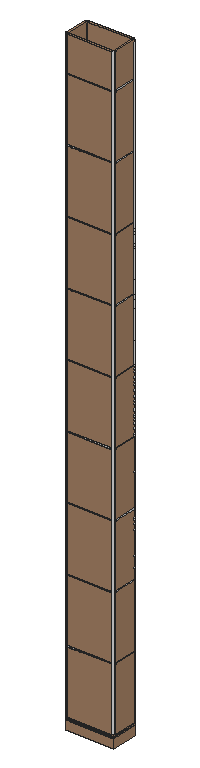
Revit family "GEN_A3-Column-Cladding", category Casework, Revit 2016
Family settings
  Work Plane-Based = No
  Always vertical = Yes
  Cut with Voids When Loaded = No
  Shared = No
  Room Calculation Point = No
Parameters (values of type "Column Cladding")
  Depth = 230 mm
  Height = 6220 mm
  Width = 450 mm
Reference planes
  plane 1 "Back": y = 0
  plane 2: z = 0
  plane 3 "Center (Left/Right)": x = 44.7
  plane 4 "Front": y = -230
  plane 5 "Left": x = -180.3
  plane 6 "Right": x = 269.7
  plane 7 "Top": z = 6220
  plane 8: z = 120
  plane 9: z = 748
  plane 10: z = 6210
Forms (mm)
  Sweep 1, solid, material "Door Veneer"
    path origin (0, 0, 0) x (1, 0, 0) y (0, 1, 0)
      loop
        line (-180.3, 0) -> (-180.3, -230) -> (269.7, -230) -> (269.7, 0) -> (-180.3, 0)
    profile origin (44.7, 0, 0) x (0, 1, 0) y (0, 0, 1)
      loop
        line (0, 0) -> (15, 0) -> (15, 83.18) -> (10, 83.18) -> (10, 88.18) -> (15, 88.18) -> (15, 93.18) -> (10, 93.18) -> (10, 98.18) -> (15, 98.18) -> (15, 105)
        arc (15, 105) -> (10.607, 115.607) -> (0, 120) r 15
        line (0, 120) -> (0, 0)
  Extrusion 2, solid, material "Door Veneer"
    sketch origin (0, 0, 0) x (1, 0, 0) y (0, 1, 0)
      loop
        line (-180.3, 0) -> (-200.3, 0) -> (-200.3, -230) -> (-180.3, -230) -> (-180.3, 0)
      loop
        line (269.7, 0) -> (269.7, -230) -> (289.7, -230) -> (289.7, 0) -> (269.7, 0)
    from 120 to 748
  Extrusion 3, solid, material "Door Veneer"
    sketch origin (159.7, -70.3, 0) x (0, -1, 0) y (1, 0, 0)
      loop
        line (-70.3, 110) -> (-90.3, 110) -> (-90.3, -340) -> (-70.3, -340) -> (-70.3, 110)
      loop
        line (159.7, 110) -> (159.7, -340) -> (179.7, -340) -> (179.7, 110) -> (159.7, 110)
    from 120 to 748
  Extrusion 4, solid, material "Metal - Stainless Steel"
    sketch origin (0, 0, 0) x (1, 0, 0) y (0, 1, 0)
      loop
        line (-200.3, 0) -> (-180.3, 0) -> (-180.3, 20) -> (-182.3, 20) -> (-182.3, 2) -> (-200.3, 2) -> (-200.3, 0)
      loop
        line (289.7, 0) -> (289.7, 2) -> (271.7, 2) -> (271.7, 20) -> (269.7, 20) -> (269.7, 0) -> (289.7, 0)
      loop
        line (-200.3, -230) -> (-200.3, -232) -> (-182.3, -232) -> (-182.3, -250) -> (-180.3, -250) -> (-180.3, -230) -> (-200.3, -230)
      loop
        line (289.7, -230) -> (269.7, -230) -> (269.7, -250) -> (271.7, -250) -> (271.7, -232) -> (289.7, -232) -> (289.7, -230)
    from 120 to 6210
  Extrusion 5, solid, material "Aluminium"
    sketch origin (0, 0, 628) x (1, 0, 0) y (0, 1, 0)
      loop
        line (-180.3, 0) -> (-200.3, 0) -> (-200.3, -230) -> (-180.3, -230) -> (-180.3, 0)
      loop
        line (269.7, 0) -> (269.7, -230) -> (289.7, -230) -> (289.7, 0) -> (269.7, 0)
    from 120 to 130
  Extrusion 6, solid, material "Aluminium"
    sketch origin (159.7, -70.3, 628) x (0, -1, 0) y (1, 0, 0)
      loop
        line (-70.3, 110) -> (-90.3, 110) -> (-90.3, -340) -> (-70.3, -340) -> (-70.3, 110)
      loop
        line (159.7, 110) -> (159.7, -340) -> (179.7, -340) -> (179.7, 110) -> (159.7, 110)
    from 120 to 130
  Extrusion 7, solid, material "Door Veneer"
    sketch origin (0, 0, 638) x (1, 0, 0) y (0, 1, 0)
      loop
        line (-180.3, 0) -> (-200.3, 0) -> (-200.3, -230) -> (-180.3, -230) -> (-180.3, 0)
      loop
        line (269.7, 0) -> (269.7, -230) -> (289.7, -230) -> (289.7, 0) -> (269.7, 0)
    from 120 to 748
  Extrusion 8, solid, material "Door Veneer"
    sketch origin (159.7, -70.3, 638) x (0, -1, 0) y (1, 0, 0)
      loop
        line (-70.3, 110) -> (-90.3, 110) -> (-90.3, -340) -> (-70.3, -340) -> (-70.3, 110)
      loop
        line (159.7, 110) -> (159.7, -340) -> (179.7, -340) -> (179.7, 110) -> (159.7, 110)
    from 120 to 748
  Extrusion 9, solid, material "Aluminium"
    sketch origin (0, 0, 1266) x (1, 0, 0) y (0, 1, 0)
      loop
        line (-180.3, 0) -> (-200.3, 0) -> (-200.3, -230) -> (-180.3, -230) -> (-180.3, 0)
      loop
        line (269.7, 0) -> (269.7, -230) -> (289.7, -230) -> (289.7, 0) -> (269.7, 0)
    from 120 to 130
  Extrusion 10, solid, material "Aluminium"
    sketch origin (159.7, -70.3, 1266) x (0, -1, 0) y (1, 0, 0)
      loop
        line (-70.3, 110) -> (-90.3, 110) -> (-90.3, -340) -> (-70.3, -340) -> (-70.3, 110)
      loop
        line (159.7, 110) -> (159.7, -340) -> (179.7, -340) -> (179.7, 110) -> (159.7, 110)
    from 120 to 130
  Extrusion 11, solid, material "Door Veneer"
    sketch origin (0, 0, 1276) x (1, 0, 0) y (0, 1, 0)
      loop
        line (-180.3, 0) -> (-200.3, 0) -> (-200.3, -230) -> (-180.3, -230) -> (-180.3, 0)
      loop
        line (269.7, 0) -> (269.7, -230) -> (289.7, -230) -> (289.7, 0) -> (269.7, 0)
    from 120 to 748
  Extrusion 12, solid, material "Door Veneer"
    sketch origin (159.7, -70.3, 1276) x (0, -1, 0) y (1, 0, 0)
      loop
        line (-70.3, 110) -> (-90.3, 110) -> (-90.3, -340) -> (-70.3, -340) -> (-70.3, 110)
      loop
        line (159.7, 110) -> (159.7, -340) -> (179.7, -340) -> (179.7, 110) -> (159.7, 110)
    from 120 to 748
  Extrusion 13, solid, material "Aluminium"
    sketch origin (0, 0, 1904) x (1, 0, 0) y (0, 1, 0)
      loop
        line (-180.3, 0) -> (-200.3, 0) -> (-200.3, -230) -> (-180.3, -230) -> (-180.3, 0)
      loop
        line (269.7, 0) -> (269.7, -230) -> (289.7, -230) -> (289.7, 0) -> (269.7, 0)
    from 120 to 130
  Extrusion 14, solid, material "Aluminium"
    sketch origin (159.7, -70.3, 1904) x (0, -1, 0) y (1, 0, 0)
      loop
        line (-70.3, 110) -> (-90.3, 110) -> (-90.3, -340) -> (-70.3, -340) -> (-70.3, 110)
      loop
        line (159.7, 110) -> (159.7, -340) -> (179.7, -340) -> (179.7, 110) -> (159.7, 110)
    from 120 to 130
  Extrusion 15, solid, material "Door Veneer"
    sketch origin (0, 0, 1914) x (1, 0, 0) y (0, 1, 0)
      loop
        line (-180.3, 0) -> (-200.3, 0) -> (-200.3, -230) -> (-180.3, -230) -> (-180.3, 0)
      loop
        line (269.7, 0) -> (269.7, -230) -> (289.7, -230) -> (289.7, 0) -> (269.7, 0)
    from 120 to 748
  Extrusion 16, solid, material "Door Veneer"
    sketch origin (159.7, -70.3, 1914) x (0, -1, 0) y (1, 0, 0)
      loop
        line (-70.3, 110) -> (-90.3, 110) -> (-90.3, -340) -> (-70.3, -340) -> (-70.3, 110)
      loop
        line (159.7, 110) -> (159.7, -340) -> (179.7, -340) -> (179.7, 110) -> (159.7, 110)
    from 120 to 748
  Extrusion 17, solid, material "Aluminium"
    sketch origin (0, 0, 2542) x (1, 0, 0) y (0, 1, 0)
      loop
        line (-180.3, 0) -> (-200.3, 0) -> (-200.3, -230) -> (-180.3, -230) -> (-180.3, 0)
      loop
        line (269.7, 0) -> (269.7, -230) -> (289.7, -230) -> (289.7, 0) -> (269.7, 0)
    from 120 to 130
  Extrusion 18, solid, material "Aluminium"
    sketch origin (159.7, -70.3, 2542) x (0, -1, 0) y (1, 0, 0)
      loop
        line (-70.3, 110) -> (-90.3, 110) -> (-90.3, -340) -> (-70.3, -340) -> (-70.3, 110)
      loop
        line (159.7, 110) -> (159.7, -340) -> (179.7, -340) -> (179.7, 110) -> (159.7, 110)
    from 120 to 130
  Extrusion 19, solid, material "Door Veneer"
    sketch origin (0, 0, 2552) x (1, 0, 0) y (0, 1, 0)
      loop
        line (-180.3, 0) -> (-200.3, 0) -> (-200.3, -230) -> (-180.3, -230) -> (-180.3, 0)
      loop
        line (269.7, 0) -> (269.7, -230) -> (289.7, -230) -> (289.7, 0) -> (269.7, 0)
    from 120 to 748
  Extrusion 20, solid, material "Door Veneer"
    sketch origin (159.7, -70.3, 2552) x (0, -1, 0) y (1, 0, 0)
      loop
        line (-70.3, 110) -> (-90.3, 110) -> (-90.3, -340) -> (-70.3, -340) -> (-70.3, 110)
      loop
        line (159.7, 110) -> (159.7, -340) -> (179.7, -340) -> (179.7, 110) -> (159.7, 110)
    from 120 to 748
  Extrusion 21, solid, material "Aluminium"
    sketch origin (0, 0, 3180) x (1, 0, 0) y (0, 1, 0)
      loop
        line (-180.3, 0) -> (-200.3, 0) -> (-200.3, -230) -> (-180.3, -230) -> (-180.3, 0)
      loop
        line (269.7, 0) -> (269.7, -230) -> (289.7, -230) -> (289.7, 0) -> (269.7, 0)
    from 120 to 130
  Extrusion 22, solid, material "Aluminium"
    sketch origin (159.7, -70.3, 3180) x (0, -1, 0) y (1, 0, 0)
      loop
        line (-70.3, 110) -> (-90.3, 110) -> (-90.3, -340) -> (-70.3, -340) -> (-70.3, 110)
      loop
        line (159.7, 110) -> (159.7, -340) -> (179.7, -340) -> (179.7, 110) -> (159.7, 110)
    from 120 to 130
  Extrusion 23, solid, material "Door Veneer"
    sketch origin (0, 0, 3190) x (1, 0, 0) y (0, 1, 0)
      loop
        line (-180.3, 0) -> (-200.3, 0) -> (-200.3, -230) -> (-180.3, -230) -> (-180.3, 0)
      loop
        line (269.7, 0) -> (269.7, -230) -> (289.7, -230) -> (289.7, 0) -> (269.7, 0)
    from 120 to 748
  Extrusion 24, solid, material "Door Veneer"
    sketch origin (159.7, -70.3, 3190) x (0, -1, 0) y (1, 0, 0)
      loop
        line (-70.3, 110) -> (-90.3, 110) -> (-90.3, -340) -> (-70.3, -340) -> (-70.3, 110)
      loop
        line (159.7, 110) -> (159.7, -340) -> (179.7, -340) -> (179.7, 110) -> (159.7, 110)
    from 120 to 748
  Extrusion 25, solid, material "Aluminium"
    sketch origin (0, 0, 3818) x (1, 0, 0) y (0, 1, 0)
      loop
        line (-180.3, 0) -> (-200.3, 0) -> (-200.3, -230) -> (-180.3, -230) -> (-180.3, 0)
      loop
        line (269.7, 0) -> (269.7, -230) -> (289.7, -230) -> (289.7, 0) -> (269.7, 0)
    from 120 to 130
  Extrusion 26, solid, material "Aluminium"
    sketch origin (159.7, -70.3, 3818) x (0, -1, 0) y (1, 0, 0)
      loop
        line (-70.3, 110) -> (-90.3, 110) -> (-90.3, -340) -> (-70.3, -340) -> (-70.3, 110)
      loop
        line (159.7, 110) -> (159.7, -340) -> (179.7, -340) -> (179.7, 110) -> (159.7, 110)
    from 120 to 130
  Extrusion 27, solid, material "Door Veneer"
    sketch origin (0, 0, 3828) x (1, 0, 0) y (0, 1, 0)
      loop
        line (-180.3, 0) -> (-200.3, 0) -> (-200.3, -230) -> (-180.3, -230) -> (-180.3, 0)
      loop
        line (269.7, 0) -> (269.7, -230) -> (289.7, -230) -> (289.7, 0) -> (269.7, 0)
    from 120 to 748
  Extrusion 28, solid, material "Door Veneer"
    sketch origin (159.7, -70.3, 3828) x (0, -1, 0) y (1, 0, 0)
      loop
        line (-70.3, 110) -> (-90.3, 110) -> (-90.3, -340) -> (-70.3, -340) -> (-70.3, 110)
      loop
        line (159.7, 110) -> (159.7, -340) -> (179.7, -340) -> (179.7, 110) -> (159.7, 110)
    from 120 to 748
  Extrusion 29, solid, material "Aluminium"
    sketch origin (0, 0, 4456) x (1, 0, 0) y (0, 1, 0)
      loop
        line (-180.3, 0) -> (-200.3, 0) -> (-200.3, -230) -> (-180.3, -230) -> (-180.3, 0)
      loop
        line (269.7, 0) -> (269.7, -230) -> (289.7, -230) -> (289.7, 0) -> (269.7, 0)
    from 120 to 130
  Extrusion 30, solid, material "Aluminium"
    sketch origin (159.7, -70.3, 4456) x (0, -1, 0) y (1, 0, 0)
      loop
        line (-70.3, 110) -> (-90.3, 110) -> (-90.3, -340) -> (-70.3, -340) -> (-70.3, 110)
      loop
        line (159.7, 110) -> (159.7, -340) -> (179.7, -340) -> (179.7, 110) -> (159.7, 110)
    from 120 to 130
  Extrusion 31, solid, material "Door Veneer"
    sketch origin (0, 0, 4466) x (1, 0, 0) y (0, 1, 0)
      loop
        line (-180.3, 0) -> (-200.3, 0) -> (-200.3, -230) -> (-180.3, -230) -> (-180.3, 0)
      loop
        line (269.7, 0) -> (269.7, -230) -> (289.7, -230) -> (289.7, 0) -> (269.7, 0)
    from 120 to 748
  Extrusion 32, solid, material "Door Veneer"
    sketch origin (159.7, -70.3, 4466) x (0, -1, 0) y (1, 0, 0)
      loop
        line (-70.3, 110) -> (-90.3, 110) -> (-90.3, -340) -> (-70.3, -340) -> (-70.3, 110)
      loop
        line (159.7, 110) -> (159.7, -340) -> (179.7, -340) -> (179.7, 110) -> (159.7, 110)
    from 120 to 748
  Extrusion 33, solid, material "Aluminium"
    sketch origin (0, 0, 5094) x (1, 0, 0) y (0, 1, 0)
      loop
        line (-180.3, 0) -> (-200.3, 0) -> (-200.3, -230) -> (-180.3, -230) -> (-180.3, 0)
      loop
        line (269.7, 0) -> (269.7, -230) -> (289.7, -230) -> (289.7, 0) -> (269.7, 0)
    from 120 to 130
  Extrusion 34, solid, material "Aluminium"
    sketch origin (159.7, -70.3, 5094) x (0, -1, 0) y (1, 0, 0)
      loop
        line (-70.3, 110) -> (-90.3, 110) -> (-90.3, -340) -> (-70.3, -340) -> (-70.3, 110)
      loop
        line (159.7, 110) -> (159.7, -340) -> (179.7, -340) -> (179.7, 110) -> (159.7, 110)
    from 120 to 130
  Extrusion 35, solid, material "Door Veneer"
    sketch origin (0, 0, 5104) x (1, 0, 0) y (0, 1, 0)
      loop
        line (-180.3, 0) -> (-200.3, 0) -> (-200.3, -230) -> (-180.3, -230) -> (-180.3, 0)
      loop
        line (269.7, 0) -> (269.7, -230) -> (289.7, -230) -> (289.7, 0) -> (269.7, 0)
    from 120 to 748
  Extrusion 36, solid, material "Door Veneer"
    sketch origin (159.7, -70.3, 5104) x (0, -1, 0) y (1, 0, 0)
      loop
        line (-70.3, 110) -> (-90.3, 110) -> (-90.3, -340) -> (-70.3, -340) -> (-70.3, 110)
      loop
        line (159.7, 110) -> (159.7, -340) -> (179.7, -340) -> (179.7, 110) -> (159.7, 110)
    from 120 to 748
  Extrusion 37, solid, material "Aluminium"
    sketch origin (0, 0, 5732) x (1, 0, 0) y (0, 1, 0)
      loop
        line (-180.3, 0) -> (-200.3, 0) -> (-200.3, -230) -> (-180.3, -230) -> (-180.3, 0)
      loop
        line (269.7, 0) -> (269.7, -230) -> (289.7, -230) -> (289.7, 0) -> (269.7, 0)
    from 120 to 130
  Extrusion 38, solid, material "Aluminium"
    sketch origin (159.7, -70.3, 5732) x (0, -1, 0) y (1, 0, 0)
      loop
        line (-70.3, 110) -> (-90.3, 110) -> (-90.3, -340) -> (-70.3, -340) -> (-70.3, 110)
      loop
        line (159.7, 110) -> (159.7, -340) -> (179.7, -340) -> (179.7, 110) -> (159.7, 110)
    from 120 to 130
  Extrusion 39, solid, material "Door Veneer"
    sketch origin (0, 0, 5742) x (1, 0, 0) y (0, 1, 0)
      loop
        line (-180.3, 0) -> (-200.3, 0) -> (-200.3, -230) -> (-180.3, -230) -> (-180.3, 0)
      loop
        line (269.7, 0) -> (269.7, -230) -> (289.7, -230) -> (289.7, 0) -> (269.7, 0)
    from 120 to 468
  Extrusion 40, solid, material "Door Veneer"
    sketch origin (159.7, -70.3, 5742) x (0, -1, 0) y (1, 0, 0)
      loop
        line (-70.3, 110) -> (-90.3, 110) -> (-90.3, -340) -> (-70.3, -340) -> (-70.3, 110)
      loop
        line (159.7, 110) -> (159.7, -340) -> (179.7, -340) -> (179.7, 110) -> (159.7, 110)
    from 120 to 468
Dimensions and locks
  "Width": plane 6 "Right" to plane 5 "Left"
  equal spacing: plane 6 "Right", plane 3 "Center (Left/Right)", plane 5 "Left"
  "Depth": plane 4 "Front" to plane 1 "Back"
  "Height": level to plane 7 "Top"
Automatic sketch dimensions
  Sweep 1 sketch curve to plane 4 "Front" = 0 mm
  Sweep 1 sketch curve to plane 5 "Left" = 0 mm
  Sweep 1 sketch curve to plane 6 "Right" = 0 mm
  Sweep 1 sketch curve to plane 1 "Back" = 0 mm
  Sweep 1 sketch curve to profile plane = 0 mm
  Sweep 1 sketch curve to level = 0 mm
  Sweep 1 sketch curve to profile plane = 10 mm
  Sweep 1 sketch curve to Sweep 1 sketch curve = 0 mm
  Sweep 1 sketch curve to Sweep 1 sketch curve = 5 mm  (x6)
  level to Sweep 1 sketch curve = 83.18 mm
  Sweep 1 sketch curve to Sweep 1 sketch curve = 6.82 mm
  Extrusion 2 sketch curve to plane 1 "Back" = 0 mm  (x2)
  Extrusion 2 sketch curve to plane 4 "Front" = 0 mm  (x2)
  Extrusion 2 sketch curve to plane 5 "Left" = 0 mm
  Extrusion 2 sketch curve to plane 6 "Right" = 0 mm
  Extrusion 2 sketch curve to plane 5 "Left" = 20 mm
  plane 6 "Right" to Extrusion 2 sketch curve = 20 mm
  Extrusion 3 sketch curve to plane 6 "Right" = 0 mm  (x2)
  Extrusion 3 sketch curve to plane 5 "Left" = 0 mm  (x2)
  Extrusion 3 sketch curve to plane 1 "Back" = 0 mm
  Extrusion 3 sketch curve to plane 4 "Front" = 0 mm
  Extrusion 3 sketch curve to plane 1 "Back" = 20 mm
  plane 4 "Front" to Extrusion 3 sketch curve = 20 mm
  Extrusion 4 sketch curve to plane 1 "Back" = 0 mm  (x2)
  Extrusion 4 sketch curve to plane 4 "Front" = 0 mm  (x2)
  Extrusion 4 sketch curve to plane 5 "Left" = 0 mm  (x2)
  Extrusion 4 sketch curve to plane 6 "Right" = 0 mm  (x2)
  Extrusion 4 sketch curve to plane 5 "Left" = 2 mm  (x2)
  Extrusion 4 sketch curve to Extrusion 4 sketch curve = 18 mm  (x8)
  plane 6 "Right" to Extrusion 4 sketch curve = 2 mm  (x2)
  Extrusion 4 sketch curve to plane 1 "Back" = 2 mm
  Extrusion 4 sketch curve to Extrusion 4 sketch curve = 2 mm  (x2)
  plane 4 "Front" to Extrusion 4 sketch curve = 2 mm
  Extrusion 5 sketch curve to plane 1 "Back" = 0 mm  (x2)
  Extrusion 5 sketch curve to plane 4 "Front" = 0 mm  (x2)
  Extrusion 5 sketch curve to plane 5 "Left" = 0 mm
  Extrusion 5 sketch curve to plane 6 "Right" = 0 mm
  Extrusion 5 sketch curve to plane 5 "Left" = 20 mm
  plane 6 "Right" to Extrusion 5 sketch curve = 20 mm
  Extrusion 6 sketch curve to plane 6 "Right" = 0 mm  (x2)
  Extrusion 6 sketch curve to plane 5 "Left" = 0 mm  (x2)
  Extrusion 6 sketch curve to plane 1 "Back" = 0 mm
  Extrusion 6 sketch curve to plane 4 "Front" = 0 mm
  Extrusion 6 sketch curve to Extrusion 6 sketch curve = 20 mm
  plane 4 "Front" to Extrusion 6 sketch curve = 20 mm
  Extrusion 7 sketch curve to plane 1 "Back" = 0 mm  (x2)
  Extrusion 7 sketch curve to plane 4 "Front" = 0 mm  (x2)
  Extrusion 7 sketch curve to plane 5 "Left" = 0 mm
  Extrusion 7 sketch curve to plane 6 "Right" = 0 mm
  Extrusion 7 sketch curve to plane 5 "Left" = 20 mm
  plane 6 "Right" to Extrusion 7 sketch curve = 20 mm
  Extrusion 8 sketch curve to plane 6 "Right" = 0 mm  (x2)
  Extrusion 8 sketch curve to plane 5 "Left" = 0 mm  (x2)
  Extrusion 8 sketch curve to plane 1 "Back" = 0 mm
  Extrusion 8 sketch curve to plane 4 "Front" = 0 mm
  Extrusion 8 sketch curve to Extrusion 8 sketch curve = 20 mm
  plane 4 "Front" to Extrusion 8 sketch curve = 20 mm
  Extrusion 9 sketch curve to plane 1 "Back" = 0 mm  (x2)
  Extrusion 9 sketch curve to plane 4 "Front" = 0 mm  (x2)
  Extrusion 9 sketch curve to plane 5 "Left" = 0 mm
  Extrusion 9 sketch curve to plane 6 "Right" = 0 mm
  Extrusion 9 sketch curve to plane 5 "Left" = 20 mm
  plane 6 "Right" to Extrusion 9 sketch curve = 20 mm
  Extrusion 10 sketch curve to plane 6 "Right" = 0 mm  (x2)
  Extrusion 10 sketch curve to plane 5 "Left" = 0 mm  (x2)
  Extrusion 10 sketch curve to plane 1 "Back" = 0 mm
  Extrusion 10 sketch curve to plane 4 "Front" = 0 mm
  Extrusion 10 sketch curve to Extrusion 10 sketch curve = 20 mm
  plane 4 "Front" to Extrusion 10 sketch curve = 20 mm
  Extrusion 11 sketch curve to plane 1 "Back" = 0 mm  (x2)
  Extrusion 11 sketch curve to plane 4 "Front" = 0 mm  (x2)
  Extrusion 11 sketch curve to plane 5 "Left" = 0 mm
  Extrusion 11 sketch curve to plane 6 "Right" = 0 mm
  Extrusion 11 sketch curve to plane 5 "Left" = 20 mm
  plane 6 "Right" to Extrusion 11 sketch curve = 20 mm
  Extrusion 12 sketch curve to plane 6 "Right" = 0 mm  (x2)
  Extrusion 12 sketch curve to plane 5 "Left" = 0 mm  (x2)
  Extrusion 12 sketch curve to plane 1 "Back" = 0 mm
  Extrusion 12 sketch curve to plane 4 "Front" = 0 mm
  Extrusion 12 sketch curve to Extrusion 12 sketch curve = 20 mm
  plane 4 "Front" to Extrusion 12 sketch curve = 20 mm
  Extrusion 13 sketch curve to plane 1 "Back" = 0 mm  (x2)
  Extrusion 13 sketch curve to plane 4 "Front" = 0 mm  (x2)
  Extrusion 13 sketch curve to plane 5 "Left" = 0 mm
  Extrusion 13 sketch curve to plane 6 "Right" = 0 mm
  Extrusion 13 sketch curve to Extrusion 13 sketch curve = 20 mm
  plane 6 "Right" to Extrusion 13 sketch curve = 20 mm
  Extrusion 14 sketch curve to plane 6 "Right" = 0 mm  (x2)
  Extrusion 14 sketch curve to plane 5 "Left" = 0 mm  (x2)
  Extrusion 14 sketch curve to plane 1 "Back" = 0 mm
  Extrusion 14 sketch curve to plane 4 "Front" = 0 mm
  Extrusion 14 sketch curve to Extrusion 14 sketch curve = 20 mm
  plane 4 "Front" to Extrusion 14 sketch curve = 20 mm
  Extrusion 15 sketch curve to plane 1 "Back" = 0 mm  (x2)
  Extrusion 15 sketch curve to plane 4 "Front" = 0 mm  (x2)
  Extrusion 15 sketch curve to plane 5 "Left" = 0 mm
  Extrusion 15 sketch curve to plane 6 "Right" = 0 mm
  Extrusion 15 sketch curve to Extrusion 15 sketch curve = 20 mm
  plane 6 "Right" to Extrusion 15 sketch curve = 20 mm
  Extrusion 16 sketch curve to plane 6 "Right" = 0 mm  (x2)
  Extrusion 16 sketch curve to plane 5 "Left" = 0 mm  (x2)
  Extrusion 16 sketch curve to plane 1 "Back" = 0 mm
  Extrusion 16 sketch curve to plane 4 "Front" = 0 mm
  Extrusion 16 sketch curve to Extrusion 16 sketch curve = 20 mm
  plane 4 "Front" to Extrusion 16 sketch curve = 20 mm
  Extrusion 17 sketch curve to plane 1 "Back" = 0 mm  (x2)
  Extrusion 17 sketch curve to plane 4 "Front" = 0 mm  (x2)
  Extrusion 17 sketch curve to plane 5 "Left" = 0 mm
  Extrusion 17 sketch curve to plane 6 "Right" = 0 mm
  Extrusion 17 sketch curve to Extrusion 17 sketch curve = 20 mm
  plane 6 "Right" to Extrusion 17 sketch curve = 20 mm
  Extrusion 18 sketch curve to plane 6 "Right" = 0 mm  (x2)
  Extrusion 18 sketch curve to plane 5 "Left" = 0 mm  (x2)
  Extrusion 18 sketch curve to plane 1 "Back" = 0 mm
  Extrusion 18 sketch curve to plane 4 "Front" = 0 mm
  Extrusion 18 sketch curve to Extrusion 18 sketch curve = 20 mm
  plane 4 "Front" to Extrusion 18 sketch curve = 20 mm
  Extrusion 19 sketch curve to plane 1 "Back" = 0 mm  (x2)
  Extrusion 19 sketch curve to plane 4 "Front" = 0 mm  (x2)
  Extrusion 19 sketch curve to plane 5 "Left" = 0 mm
  Extrusion 19 sketch curve to plane 6 "Right" = 0 mm
  Extrusion 19 sketch curve to Extrusion 19 sketch curve = 20 mm
  plane 6 "Right" to Extrusion 19 sketch curve = 20 mm
  Extrusion 20 sketch curve to plane 6 "Right" = 0 mm  (x2)
  Extrusion 20 sketch curve to plane 5 "Left" = 0 mm  (x2)
  Extrusion 20 sketch curve to plane 1 "Back" = 0 mm
  Extrusion 20 sketch curve to plane 4 "Front" = 0 mm
  Extrusion 20 sketch curve to Extrusion 20 sketch curve = 20 mm
  plane 4 "Front" to Extrusion 20 sketch curve = 20 mm
  Extrusion 21 sketch curve to plane 1 "Back" = 0 mm  (x2)
  Extrusion 21 sketch curve to plane 4 "Front" = 0 mm  (x2)
  Extrusion 21 sketch curve to plane 5 "Left" = 0 mm
  Extrusion 21 sketch curve to plane 6 "Right" = 0 mm
  Extrusion 21 sketch curve to Extrusion 21 sketch curve = 20 mm
  plane 6 "Right" to Extrusion 21 sketch curve = 20 mm
  Extrusion 22 sketch curve to plane 6 "Right" = 0 mm  (x2)
  Extrusion 22 sketch curve to plane 5 "Left" = 0 mm  (x2)
  Extrusion 22 sketch curve to plane 1 "Back" = 0 mm
  Extrusion 22 sketch curve to plane 4 "Front" = 0 mm
  Extrusion 22 sketch curve to Extrusion 22 sketch curve = 20 mm
  plane 4 "Front" to Extrusion 22 sketch curve = 20 mm
  Extrusion 23 sketch curve to plane 1 "Back" = 0 mm  (x2)
  Extrusion 23 sketch curve to plane 4 "Front" = 0 mm  (x2)
  Extrusion 23 sketch curve to plane 5 "Left" = 0 mm
  Extrusion 23 sketch curve to plane 6 "Right" = 0 mm
  Extrusion 23 sketch curve to Extrusion 23 sketch curve = 20 mm
  plane 6 "Right" to Extrusion 23 sketch curve = 20 mm
  Extrusion 24 sketch curve to plane 6 "Right" = 0 mm  (x2)
  Extrusion 24 sketch curve to plane 5 "Left" = 0 mm  (x2)
  Extrusion 24 sketch curve to plane 1 "Back" = 0 mm
  Extrusion 24 sketch curve to plane 4 "Front" = 0 mm
  Extrusion 24 sketch curve to Extrusion 24 sketch curve = 20 mm
  plane 4 "Front" to Extrusion 24 sketch curve = 20 mm
  Extrusion 25 sketch curve to plane 1 "Back" = 0 mm  (x2)
  Extrusion 25 sketch curve to plane 4 "Front" = 0 mm  (x2)
  Extrusion 25 sketch curve to plane 5 "Left" = 0 mm
  Extrusion 25 sketch curve to plane 6 "Right" = 0 mm
  Extrusion 25 sketch curve to Extrusion 25 sketch curve = 20 mm
  plane 6 "Right" to Extrusion 25 sketch curve = 20 mm
  Extrusion 26 sketch curve to plane 6 "Right" = 0 mm  (x2)
  Extrusion 26 sketch curve to plane 5 "Left" = 0 mm  (x2)
  Extrusion 26 sketch curve to plane 1 "Back" = 0 mm
  Extrusion 26 sketch curve to plane 4 "Front" = 0 mm
  Extrusion 26 sketch curve to Extrusion 26 sketch curve = 20 mm
  plane 4 "Front" to Extrusion 26 sketch curve = 20 mm
  Extrusion 27 sketch curve to plane 1 "Back" = 0 mm  (x2)
  Extrusion 27 sketch curve to plane 4 "Front" = 0 mm  (x2)
  Extrusion 27 sketch curve to plane 5 "Left" = 0 mm
  Extrusion 27 sketch curve to plane 6 "Right" = 0 mm
  Extrusion 27 sketch curve to Extrusion 27 sketch curve = 20 mm
  plane 6 "Right" to Extrusion 27 sketch curve = 20 mm
  Extrusion 28 sketch curve to plane 6 "Right" = 0 mm  (x2)
  Extrusion 28 sketch curve to plane 5 "Left" = 0 mm  (x2)
  Extrusion 28 sketch curve to plane 1 "Back" = 0 mm
  Extrusion 28 sketch curve to plane 4 "Front" = 0 mm
  Extrusion 28 sketch curve to Extrusion 28 sketch curve = 20 mm
  plane 4 "Front" to Extrusion 28 sketch curve = 20 mm
  Extrusion 29 sketch curve to plane 1 "Back" = 0 mm  (x2)
  Extrusion 29 sketch curve to plane 4 "Front" = 0 mm  (x2)
  Extrusion 29 sketch curve to plane 5 "Left" = 0 mm
  Extrusion 29 sketch curve to plane 6 "Right" = 0 mm
  Extrusion 29 sketch curve to Extrusion 29 sketch curve = 20 mm
  plane 6 "Right" to Extrusion 29 sketch curve = 20 mm
  Extrusion 30 sketch curve to plane 6 "Right" = 0 mm  (x2)
  Extrusion 30 sketch curve to plane 5 "Left" = 0 mm  (x2)
  Extrusion 30 sketch curve to plane 1 "Back" = 0 mm
  Extrusion 30 sketch curve to plane 4 "Front" = 0 mm
  Extrusion 30 sketch curve to Extrusion 30 sketch curve = 20 mm
  plane 4 "Front" to Extrusion 30 sketch curve = 20 mm
  Extrusion 31 sketch curve to plane 1 "Back" = 0 mm  (x2)
  Extrusion 31 sketch curve to plane 4 "Front" = 0 mm  (x2)
  Extrusion 31 sketch curve to plane 5 "Left" = 0 mm
  Extrusion 31 sketch curve to plane 6 "Right" = 0 mm
  Extrusion 31 sketch curve to Extrusion 31 sketch curve = 20 mm
  plane 6 "Right" to Extrusion 31 sketch curve = 20 mm
  Extrusion 32 sketch curve to plane 6 "Right" = 0 mm  (x2)
  Extrusion 32 sketch curve to plane 5 "Left" = 0 mm  (x2)
  Extrusion 32 sketch curve to plane 1 "Back" = 0 mm
  Extrusion 32 sketch curve to plane 4 "Front" = 0 mm
  Extrusion 32 sketch curve to Extrusion 32 sketch curve = 20 mm
  plane 4 "Front" to Extrusion 32 sketch curve = 20 mm
  Extrusion 33 sketch curve to plane 1 "Back" = 0 mm  (x2)
  Extrusion 33 sketch curve to plane 4 "Front" = 0 mm  (x2)
  Extrusion 33 sketch curve to plane 5 "Left" = 0 mm
  Extrusion 33 sketch curve to plane 6 "Right" = 0 mm
  Extrusion 33 sketch curve to Extrusion 33 sketch curve = 20 mm
  plane 6 "Right" to Extrusion 33 sketch curve = 20 mm
  Extrusion 34 sketch curve to plane 6 "Right" = 0 mm  (x2)
  Extrusion 34 sketch curve to plane 5 "Left" = 0 mm  (x2)
  Extrusion 34 sketch curve to plane 1 "Back" = 0 mm
  Extrusion 34 sketch curve to plane 4 "Front" = 0 mm
  Extrusion 34 sketch curve to Extrusion 34 sketch curve = 20 mm
  plane 4 "Front" to Extrusion 34 sketch curve = 20 mm
  Extrusion 35 sketch curve to plane 1 "Back" = 0 mm  (x2)
  Extrusion 35 sketch curve to plane 4 "Front" = 0 mm  (x2)
  Extrusion 35 sketch curve to plane 5 "Left" = 0 mm
  Extrusion 35 sketch curve to plane 6 "Right" = 0 mm
  Extrusion 35 sketch curve to Extrusion 35 sketch curve = 20 mm
  plane 6 "Right" to Extrusion 35 sketch curve = 20 mm
  Extrusion 36 sketch curve to plane 6 "Right" = 0 mm  (x2)
  Extrusion 36 sketch curve to plane 5 "Left" = 0 mm  (x2)
  Extrusion 36 sketch curve to plane 1 "Back" = 0 mm
  Extrusion 36 sketch curve to plane 4 "Front" = 0 mm
  Extrusion 36 sketch curve to Extrusion 36 sketch curve = 20 mm
  plane 4 "Front" to Extrusion 36 sketch curve = 20 mm
  Extrusion 37 sketch curve to plane 1 "Back" = 0 mm  (x2)
  Extrusion 37 sketch curve to plane 4 "Front" = 0 mm  (x2)
  Extrusion 37 sketch curve to plane 5 "Left" = 0 mm
  Extrusion 37 sketch curve to plane 6 "Right" = 0 mm
  Extrusion 37 sketch curve to Extrusion 37 sketch curve = 20 mm
  plane 6 "Right" to Extrusion 37 sketch curve = 20 mm
  Extrusion 38 sketch curve to plane 6 "Right" = 0 mm  (x2)
  Extrusion 38 sketch curve to plane 5 "Left" = 0 mm  (x2)
  Extrusion 38 sketch curve to plane 1 "Back" = 0 mm
  Extrusion 38 sketch curve to plane 4 "Front" = 0 mm
  Extrusion 38 sketch curve to Extrusion 38 sketch curve = 20 mm
  plane 4 "Front" to Extrusion 38 sketch curve = 20 mm
  Extrusion 39 sketch curve to plane 1 "Back" = 0 mm  (x2)
  Extrusion 39 sketch curve to plane 4 "Front" = 0 mm  (x2)
  Extrusion 39 sketch curve to plane 5 "Left" = 0 mm
  Extrusion 39 sketch curve to plane 6 "Right" = 0 mm
  Extrusion 39 sketch curve to Extrusion 39 sketch curve = 20 mm
  plane 6 "Right" to Extrusion 39 sketch curve = 20 mm
  Extrusion 40 sketch curve to plane 6 "Right" = 0 mm  (x2)
  Extrusion 40 sketch curve to plane 5 "Left" = 0 mm  (x2)
  Extrusion 40 sketch curve to plane 1 "Back" = 0 mm
  Extrusion 40 sketch curve to plane 4 "Front" = 0 mm
  Extrusion 40 sketch curve to Extrusion 40 sketch curve = 20 mm
  plane 4 "Front" to Extrusion 40 sketch curve = 20 mm
